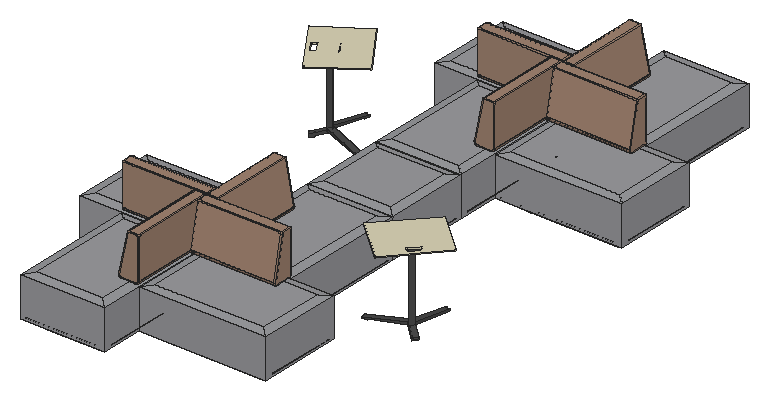
Revit family "System_Furniture-Teknion-Typical-DNA_Open_05", category Furniture Systems, Revit 2013
Parameters (values of type "DNA Open 05")
  URL = "http://teknion.com/"
  Product Page URL = "http://teknionplanningtool.com/"
  Product Line = "Leverage"  # constant formula
  Model = "Open 05"  # constant formula
  Manufacturer Phone Number = "416-661-3370"  # constant formula
  Manufacturer Fax = "416.661.4586"  # constant formula
  Manufacturer Address = "1150 Flint Road, Toronto, ON. M3J 2J5. Canada"  # constant formula
  Manufacturer = "Teknion"  # constant formula
  Environmental Data = "http://www.teknion.com/about-teknion/environment/datasheets.asp"
  Description = "DNA Planning Style - Open 05"  # constant formula
  Contact Info = "http://www.teknion.com/contact/contactus.asp"
  Assembly Code = "E2020200"
  Additional Finishes = "http://www.teknion.com/fabrics-finishes/list/ff_main.html"
Reference planes (in)
  plane 1 "Center Front/Back": y = 0
  plane 2: z = 0
  plane 3 "Center Left/Right": x = 0
Dimensions and locks (in)
  aligned and locked: level to plane 2
Nested families (in)
  nested 1: "Table-Teknion-DNA_Laptop_Table" at (31.54626, -29.66403, 0) x (-0.6635, -0.7482, 0) z (0, 0, 1), type "DNA Freestanding Laptop"
  nested 2: "Bench-Teknion-DNA_Seat_Bench_with_Bolster" at (0, -32.5, 0) x (0, 1, 0) z (0, 0, 1), type "DNA Bench with Bolster"
    with Bolster Right no, Bolster Location 1' - 1", Bolster Left yes, Bolster Center no
  nested 3: "Bench-Teknion-DNA_Seat_Bench_with_Bolster" at (-26, -71.5, 0) x (0, -1, 0) z (0, 0, 1), type "DNA Bench with Bolster"
    with Bolster Right no, Bolster Location 1' - 1", Bolster Left yes, Bolster Center no
  nested 4: "Bench-Teknion-DNA_Seat_Bench_with_Bolster" at (-32.5, -39, 0) x (-1, 0, 0) z (0, 0, 1), type "DNA Bench with Bolster"
    with Bolster Right no, Bolster Location 1' - 1", Bolster Left yes, Bolster Center no
  nested 5: "Bench-Teknion-DNA_Seat_Bench_with_Bolster" at (6.5, -65, 0), type "DNA Bench with Bolster"
    with Bolster Right no, Bolster Location 1' - 1", Bolster Left yes, Bolster Center no
  nested 6: "Table-Teknion-DNA_Laptop_Table" at (-39.37091, 32.23286, 0) x (0.5731, -0.8195, 0) z (0, 0, 1), type "DNA Freestanding Laptop"
  nested 7: "Bench-Teknion-DNA_Seat_Bench_with_Bolster" at (26, 71.50109, 0) x (0, 1, 0) z (0, 0, 1), type "DNA Bench with Bolster"
    with Bolster Right no, Bolster Location 1' - 1", Bolster Left yes, Bolster Center no
  nested 8: "Bench-Teknion-DNA_Seat_Bench_with_Bolster" at (0, 32.50109, 0) x (0, -1, 0) z (0, 0, 1), type "DNA Bench with Bolster"
    with Bolster Right no, Bolster Location 1' - 1", Bolster Left yes, Bolster Center no
  nested 9: "Bench-Teknion-DNA_Seat_Bench_with_Bolster" at (-6.5, 65.00109, 0) x (-1, 0, 0) z (0, 0, 1), type "DNA Bench with Bolster"
    with Bolster Right no, Bolster Location 1' - 1", Bolster Left yes, Bolster Center no
  nested 10: "Bench-Teknion-DNA_Seat_Bench_with_Bolster" at (32.5, 39.00109, 0), type "DNA Bench with Bolster"
    with Bolster Right no, Bolster Location 1' - 1", Bolster Left yes, Bolster Center no
  nested 11: "Seat-Teknion-DNA_SQ_Seat" at (0, 0, 0), type "DNA SQ Seat - Bench"
Definition of nested family "Table-Teknion-DNA_Laptop_Table"
  Parameters (values of type "DNA Freestanding Laptop")
    Width = 1' - 7.68504"
    Warranty = "http://www.teknion.com/legal/warranty.pdf"
    URL = "www.teknion.com"
    Type Comments = "DNA Table"
    Table Top Material = Flintwood - Teknion - FX - Flax
    Product Page URL = "http://www.teknion.com/products/seating_tables_dna/default.asp?text=3&country=us&product=dna&section=tables&subsection=casual"
    Product Name = "DNA"
    Product Documentation Link = "http://www.teknion.com/products/brochures/dna_ENG.pdf"
    Model = "NDNL"
    Material = ""
    Manufacturer Phone Number = "416-661-3370"  # constant formula
    Manufacturer Fax = "416.661.4586"  # constant formula
    Manufacturer Contact Information = "http://www.teknion.com/contact/contactus.asp"
    Manufacturer Address = "1150 Flint Road, Toronto, ON. M3J 2J5. Canada"  # constant formula
    Manufacturer = "Teknion"  # constant formula
    Keynote = "125000"
    Height = 2' - 0.34325"
    Foot Finish = Paint - Teknion - 52 - Ebony
    Environmental Data = "http://www.teknion.com/about-teknion/environment/datasheets.asp"
    Description = "DNA Freestanding Laptop"  # constant formula
    Depth = 1' - 4 125/256"
    Assembly Code = "E2020200"
  Reference planes (in)
    plane 1 "Center (Front/Back)": y = 0
    plane 2: z = 0
    plane 3 "Center (Left/Right)": x = 0
    plane 4: x = -9.84252
    plane 5: x = 9.84252
    plane 6 "Back": y = 8.24414
    plane 7 "Front": y = -8.24414
    plane 8: y = 7.10241
    plane 9: y = 5.44887
    plane 10: x = -2.01756
    plane 11 "Top": z = 24.33158
    plane 12: z = 23.63913
    plane 13: z = 23.95658
  Lines and regions (in)
    Masking region 1
      outline origin (0, 0, -0.01167) x (1, 0, 0) y (0, 1, 0)
        loop
          line (-9.84252, 8.24414) -> (-9.84252, -8.24414) -> (9.84252, -8.24414) -> (9.84252, 8.24414) -> (-9.84252, 8.24414)
        loop
          arc (-1.72819, 7.10241) -> (-1.93281, 7.01765) -> (-2.01756, 6.81304) r 0.28937
          line (-2.01756, 6.81304) -> (-2.01756, 5.73824)
          arc (-2.01756, 5.73824) -> (-1.9328, 5.53362) -> (-1.72819, 5.44887) r 0.28937
          line (-1.72819, 5.44887) -> (1.70882, 5.44887)
          arc (1.70882, 5.44887) -> (1.91343, 5.53362) -> (1.99819, 5.73824) r 0.28937
          line (1.99819, 5.73824) -> (1.99819, 6.81304)
          arc (1.99819, 6.81304) -> (1.91343, 7.01765) -> (1.70882, 7.10241) r 0.28937
          line (1.70882, 7.10241) -> (-1.72819, 7.10241)
    Masking region 2, detail levels fine
      outline origin (0, 0, -0.01167) x (1, 0, 0) y (0, 1, 0)
        loop
          line (-9.84252, -4.51686) -> (-10.74523, -5.28054) -> (-9.84252, -6.34759) -> (-9.84252, -4.51686)
        loop
          line (9.84252, -4.51686) -> (9.84252, -6.34759) -> (10.74523, -5.28054) -> (9.84252, -4.51686)
  Dimensions and locks (in)
    "Width": plane 4 to plane 5
    equal spacing: plane 4, plane 3 "Center (Left/Right)", plane 5, locked at 9.84252 each
    "Depth": plane 6 "Back" to plane 7 "Front"
    equal spacing: plane 6 "Back", plane 1 "Center (Front/Back)", plane 7 "Front", locked at 8.24414 each
    locked: plane 6 "Back" to plane 8 at 1.14173
    locked: plane 8 to plane 9 at 1.65354
    locked: plane 4 to plane 10 at 7.82496
    "Height": plane 11 "Top" to level
    locked: plane 11 "Top" to plane 13 at 0.375
    locked: plane 13 to plane 12 at 0.31745
    aligned: plane 1 "Center (Front/Back)" to nested 1
    aligned and locked: plane 3 "Center (Left/Right)" to nested 1
    aligned and locked: plane 4 to nested 1
    aligned and locked: plane 5 to nested 1
    aligned and locked: plane 6 "Back" to nested 1
    aligned: plane 7 "Front" to nested 1
    aligned and locked: plane 8 to nested 1
    aligned and locked: plane 10 to nested 1
    aligned and locked: plane 11 "Top" to nested 1
    aligned and locked: nested 2 to nested 1
    aligned and locked: nested 1 to nested 2
    aligned and locked: nested 2 to plane 2
    aligned and locked: nested 1 to plane 11 "Top"
    aligned and locked: plane 12 to nested 2
    aligned and locked: plane 13 to nested 1
  Automatic sketch dimensions
    Masking region 1 sketch curve to plane 4 = 0' - 0"
    Masking region 1 sketch curve to plane 5 = 0' - 0"
    Masking region 1 sketch curve to plane 7 "Front" = 0' - 0"
    Masking region 1 sketch curve to plane 6 "Back" = 0' - 0"
    Masking region 1 sketch curve to plane 10 = 0' - 0"
    Masking region 1 sketch curve to plane 8 = 0' - 0"
    Masking region 1 sketch curve to Masking region 1 sketch curve = 0' - 0.28937"  (x2)
    plane 3 "Center (Left/Right)" to Masking region 1 sketch curve = 0' - 1.70882"
    plane 9 to Masking region 1 sketch curve = 0' - 0.28937"
    Masking region 1 sketch curve to plane 9 = 0' - 0"
    Masking region 1 sketch curve to Masking region 1 sketch curve = 0' - 0"
    Masking region 2 sketch curve to plane 4 = 0' - 0"
    Masking region 2 sketch curve to plane 5 = 0' - 0"
    Masking region 2 sketch curve to plane 4 = 0' - 0.90271"
    plane 5 to Masking region 2 sketch curve = 0' - 0.90271"
    plane 1 "Center (Front/Back)" to Masking region 2 sketch curve = 0' - 4.51686"  (x2)
    Masking region 2 sketch curve to Masking region 2 sketch curve = 0' - 0.76368"  (x2)
  Nested families (in)
    nested 1: "DNA Laptop Table - Top" at (0, -0.04715, 0.00583), Table Top Finish <- "Table Top Material", type "DNA Laptop Table - Top"
      with Table Top Finish Flintwood - Teknion - FX - Flax
    nested 2: "DNA Laptop Table - Legs" at (0, -0.04715, 0.00583), Post <- "Foot Finish", type "DNA Laptop Table - Legs"
      with Post Paint - Teknion - 52 - Ebony
  Definition of nested family "DNA Laptop Table - Top"
    Parameters (values of type "DNA Laptop Table - Top")
      Table Top Finish [instance] = none
      Assembly Code = ""
    Reference planes (in)
      plane 1 "Center (Front/Back)": y = 0
      plane 2: z = 0
      plane 3 "Center (Left/Right)": x = 0
    Forms (in)
      Extrusion 1, solid, material <- "Table Top Finish"
        sketch origin (-0.00969, 0, 0) x (1, 0, 0) y (0, 1, 0)
          loop
            arc (-9.63598, 8.29129) -> (-9.77518, 8.23364) -> (-9.83283, 8.09444) r 0.19685
            line (-9.83283, 8.09444) -> (-9.83283, -8.04729)
            arc (-9.83283, -8.04729) -> (-9.77518, -8.18649) -> (-9.63598, -8.24414) r 0.19685
            line (-9.63598, -8.24414) -> (9.65563, -8.24414)
            arc (9.65563, -8.24414) -> (9.79463, -8.18657) -> (9.85221, -8.04757) r 0.19658
            line (9.85221, -8.04757) -> (9.85221, 8.09561)
            arc (9.85221, 8.09561) -> (9.79489, 8.23398) -> (9.65653, 8.29129) r 0.19568
            line (9.65653, 8.29129) -> (-9.63598, 8.29129)
          loop
            arc (-1.7185, 7.14956) -> (-1.92312, 7.0648) -> (-2.00787, 6.86019) r 0.28937
            line (-2.00787, 6.86019) -> (-2.00787, 5.78539)
            arc (-2.00787, 5.78539) -> (-1.92312, 5.58077) -> (-1.7185, 5.49602) r 0.28937
            line (-1.7185, 5.49602) -> (1.7185, 5.49602)
            arc (1.7185, 5.49602) -> (1.92312, 5.58077) -> (2.00787, 5.78539) r 0.28937
            line (2.00787, 5.78539) -> (2.00787, 6.86019)
            arc (2.00787, 6.86019) -> (1.92312, 7.0648) -> (1.7185, 7.14956) r 0.28937
            line (1.7185, 7.14956) -> (-1.7185, 7.14956)
        from 23.95075 to 24.32575
  Definition of nested family "DNA Laptop Table - Legs"
    Parameters (values of type "DNA Laptop Table - Legs")
      Post [instance] = none
      Assembly Code = ""
    Reference planes (in)
      plane 1 "Center (Front/Back)": y = 0
      plane 2: z = 0
      plane 3 "Center (Left/Right)": x = 0
      plane 4 "Legs Parallel": through (6.72118, -0.49407, 48) normal (0.6459, 0.7634, 0)
      plane 5 "Legs Perp": through (13.10352, -5.93494, 48) normal (-0.766, 0.6428, 0)
    Forms (in)
      Extrusion 1, solid, material <- "Post"
        sketch origin (0, 0, 21.44636) x (-1, 0, 0) y (0, -1, 0)
          loop
            line (2.17556, -4.46095) -> (2.17557, -0.10964) -> (-2.17246, -0.10964) -> (-2.17245, -4.46093) -> (2.17556, -4.46095)
        from 2.18693 to 2.50438
      Extrusion 2, solid, material <- "Post"
        sketch origin (0, 0, 21.44636) x (-1, 0, 0) y (0, -1, 0)
          loop
            line (0.81174, -3.07019) -> (0.03947, -1.73258)
            arc (0.03947, -1.73258) -> (0.00631, -1.71343) -> (-0.02685, -1.73258) r 0.03829
            line (-0.02685, -1.73258) -> (-0.81246, -3.09328) -> (-0.81246, -3.16544) -> (0.81174, -3.16544) -> (0.81174, -3.07019)
        from -19.64277 to 2.18693
      Extrusion 3, solid, material <- "Post"
        sketch origin (-2.5601, 3.02616, 0) x (0.763448, 0.645869, 0) y (0, 0, -1)
          loop
            line (1.36322, -2.63705) -> (1.36322, -1.79508) -> (-10.00274, -0.22235) -> (-10.0147, 0.00583) -> (-11.58351, 0.00583) -> (-11.58351, -0.38567)
            arc (-11.58351, -0.38567) -> (-11.56217, -0.42041) -> (-11.52551, -0.43824) r 0.07284
            line (-11.52551, -0.43824) -> (1.36322, -2.63705)
        from -2.60077 to -1.01922
      Extrusion 4, solid, material <- "Post"
        sketch origin (0, 0, 0) x (0, 1, 0) y (0, 0, 1)
          loop
            line (1.71019, 1.66224) -> (1.71019, 1.4681) -> (6.15639, 0.32872) -> (6.15639, -0.00583) -> (7.46558, -0.00583)
            arc (7.46558, -0.00583) -> (7.4906, -0.00437) -> (7.51528, 0) r 0.21459
            line (7.51528, 0) -> (7.51528, 0.52619)
            arc (7.51528, 0.52619) -> (7.49969, 0.57321) -> (7.4591, 0.6016) r 0.0787
            line (7.4591, 0.6016) -> (2.90659, 1.96119) -> (1.71019, 1.66224)
        from -0.8141 to 0.81246
      Extrusion 5, solid, material <- "Post"
        sketch origin (2.5601, 3.02616, 0) x (-0.763448, 0.645869, 0) y (0, 0, 1)
          loop
            line (1.33078, 2.63152) -> (-11.52551, 0.43824)
            arc (-11.52551, 0.43824) -> (-11.56217, 0.42041) -> (-11.58351, 0.38567) r 0.07284
            line (-11.58351, 0.38567) -> (-11.58351, -0.00583) -> (-10.0147, -0.00583) -> (-10.00274, 0.22235) -> (1.33078, 1.7906) -> (1.33078, 2.63152)
        from -2.60077 to -1.01922
    Cuts and joins
      joined: Extrusion 1, Extrusion 2
    Dimensions and locks (in)
      aligned and locked: cut or joined group of Extrusion 1, Extrusion 2 to Extrusion 4
Definition of nested family "Bench-Teknion-DNA_Seat_Bench_with_Bolster"
  Parameters (values of type "DNA Bench")
    Width = 3' - 3"
    Warranty = ""
    Seat Upholstery = Fabric - Teknion - S610 - Saturate Quarry
    URL = "www.teknion.com"
    Product Page URL = "http://www.teknion.com/products/seating_tables_dna/default.asp?text=2&country=us&product=dna&section=seating&subsection=soft"
    Product Name = "DNA"  # constant formula
    Product Documentation Link = "http://www.teknion.com/pricing/seating/pdfs/Teknion_dna_ppg.pdf"
    Model = if(Bolster, "NDNB", "NDNA")  # "NDNA"
    Material = ""
    Manufacturer Phone Number = ""
    Manufacturer Fax = ""
    Manufacturer Contact Information = ""
    Manufacturer Address = "1150 Flint Road, Toronto, ON. M3J 2J5. Canada"  # constant formula
    Manufacturer = "Teknion"  # constant formula
    Keynote = "125000"
    Height = 1' - 4 1/2"  # constant formula
    Environmental Data = ""
    Description = "Bench"  # constant formula
    Depth = 2' - 2"  # constant formula
    Bolster Upholstery = Fabric - Teknion - E504 - Fundamentals
    Bolster Right [instance] = no
    Bolster Location [instance] = if(Bolster Right, 0' 0", if(Bolster Left, 1' 1", if(Bolster Center, 0' 6 1/2", 0' 0")))  # 0' - 6 1/2"
    Bolster Left [instance] = no
    Bolster Center [instance] = yes
    Bolster = no
    Base Material = Paint - Teknion - 52 - Ebony
    Base Height = 0' - 4"
    Assembly Code = "E2020200"
  Types (3): name | Warranty | Model | Manufacturer Phone Number | Manufacturer Fax | Manufacturer Contact Information | Environmental Data | Bolster | Base Material
    (no name) | "" | "NDNA" | "" | "" | "" | "" | no | Paint - Teknion - 52 - Ebony
    DNA Bench | "" | "NDNA" | "" | "" | "" | "" | no | Paint - Teknion - 52 - Ebony
    DNA Bench with Bolster | "http://www.teknion.com/legal/warranty.pdf" | "NDNB" | "416-661-3370" | "416.661.4586" | "http://www.teknion.com/contact/contactus.asp" | "http://www.teknion.com/about-teknion/environment/datasheets.asp" | yes | none
  Reference planes (in)
    plane 1 "Center (Front/Back)": y = 0
    plane 2: z = 0
    plane 3 "Center (Left/Right)": x = 0
    plane 4: x = -19.5
    plane 5: x = 19.5
    plane 6: z = 4
    plane 7: z = 16.5
    plane 8: y = 13
    plane 9: y = -13
    plane 10: x = -6.79751
    plane 11: z = 0.5
    plane 12: x = 13
  Forms (in)
    Extrusion 1, solid, material "Paint - Teknion - 52 - Ebony" <- "Base Material"
      sketch origin (0, 0, 0) x (1, 0, 0) y (0, 1, 0)
        loop
          circle (-13, 6.5) r 1
        loop
          circle (13, 6.5) r 1
        loop
          circle (13, -6.50991) r 1
        loop
          circle (-13, -6.50991) r 1
      from 0 to 0.5
    Sweep 2, solid, material "Fabric - Teknion - S610 - Saturate Quarry" <- "Seat Upholstery"
      path origin (-44.2712, -180, 16.5) x (-1, 0, 0) y (0, -1, 0)
        loop
          line (-24.7712, -193) -> (-24.7712, -167) -> (-63.7712, -167) -> (-63.7712, -193) -> (-24.7712, -193)
      profile origin (0, 13, 16.5) x (0, 1, 0) y (0, 0, 1)
        loop
          line (-2.74891, 0) -> (-3, 0) -> (-3, -12.5) -> (0, -12.5) -> (0, -0.4998) -> (-2.74891, 0)
    Extrusion 3, solid, material "Fabric - Teknion - S610 - Saturate Quarry" <- "Seat Upholstery"
      sketch origin (0, 0, 0) x (1, 0, 0) y (0, 1, 0)
        loop
          line (-16.49778, 10) -> (-16.49778, -9.99891) -> (16.49891, -9.99891) -> (16.49891, 10) -> (-16.49778, 10)
      from 4 to 16.5
    SweptBlend 4, solid, material "Paint - Teknion - 52 - Ebony" <- "Base Material"
      path origin (0, 0, 0) x (1, 0, 0) y (0, 0, 1)
        loop
          line (0, 4) -> (0, 0.5)
      profile origin (0, 0, 4) x (0, -1, 0) y (1, 0, 0)
        loop
          line (-12.125, -18.625) -> (12.125, -18.625) -> (12.125, 18.625) -> (-12.125, 18.625) -> (-12.125, -18.625)
      end profile origin (0, 0, 0.5) x (0, -1, 0) y (1, 0, 0)
        loop
          line (-8.25, -14.75) -> (8.25991, -14.75) -> (8.25991, 14.75) -> (-8.25, 14.75) -> (-8.25, -14.75)
  Cuts and joins
    joined: Sweep 2, Extrusion 3
  Lines and regions (in)
    Masking region 1
      outline origin (0, 0, 0) x (1, 0, 0) y (0, 1, 0)
        loop
          line (-19.5, 13) -> (-19.5, -13) -> (19.5, -13) -> (19.5, 13) -> (-19.5, 13)
    Masking region 2, visible <- "Bolster"
      outline origin (0, 0, 0) x (1, 0, 0) y (0, 1, 0)
        loop
          line (-13, 12.75139) -> (-13, 6.96199) -> (13, 6.96199) -> (13, 12.75139) -> (-13, 12.75139)
  Dimensions and locks (in)
    equal spacing: plane 4, plane 3 "Center (Left/Right)", plane 5
    "Width": plane 4 to plane 5
    "Height": plane 7 to level
    equal spacing: plane 8, plane 1 "Center (Front/Back)", plane 9, locked at 13 each
    "Depth": plane 8 to plane 9
    plane 6 to plane 11 to plane 2 = 0' - 3 1/2" locked, 0' - 0 1/2" locked
    locked: plane 7 to Sweep 2 sketch curve at 0.4998
    plane 8 to Sweep 2 sketch curve to Sweep 2 sketch curve = 0' - 2.74891" locked, 0' - 0.25109" locked
    locked: Extrusion 3 sketch curve to plane 5 at 3.00109
    locked: plane 4 to Extrusion 3 sketch curve at 3.00222
    locked: plane 8 to Extrusion 3 sketch curve at 3
    locked: Extrusion 3 sketch curve to plane 9 at 3.00109
    Extrusion 1 sketch curve to Extrusion 1 sketch curve to plane 3 "Center (Left/Right)" to Extrusion 1 sketch curve to Extrusion 1 sketch curve = 0' - 0" locked, 1' - 1" locked, 1' - 1" locked, 0' - 0" locked
    Extrusion 1 sketch curve to Extrusion 1 sketch curve to plane 1 "Center (Front/Back)" to Extrusion 1 sketch curve to Extrusion 1 sketch curve = 0' - 0" locked, 0' - 6.50991" locked, 0' - 6 1/2" locked, 0' - 0" locked
    locked: SweptBlend 4 sketch curve to plane 9 at 0.875
    locked: plane 8 to SweptBlend 4 sketch curve at 0.875
    locked: plane 8 to SweptBlend 4 sketch curve at 4.75
    locked: SweptBlend 4 sketch curve to plane 9 at 4.74009
    "Bolster Location": plane 5 to plane 12
    plane 8 to Masking region 2 sketch curve to Masking region 2 sketch curve = 0' - 0.24861" locked, 0' - 5.78939" locked
    locked: Masking region 2 sketch curve to plane 12 at 26
    aligned and locked: plane 8 to Sweep 2 sketch curve
    aligned and locked: Sweep 2 sketch curve to plane 6
    aligned and locked: plane 7 to Extrusion 3
    aligned and locked: Extrusion 3 to plane 6
    aligned and locked: Extrusion 1 to plane 11
    aligned and locked: Extrusion 1 to plane 2
    aligned and locked: plane 11 to SweptBlend 4 sketch curve
    aligned and locked: plane 6 to SweptBlend 4 sketch curve
    aligned and locked: Masking region 1 sketch curve to cut or joined group of Sweep 2, Extrusion 3  (x4)
    aligned and locked: plane 7 to nested 1
    aligned and locked: nested 1 to plane 8
    aligned and locked: nested 1 to plane 12
    aligned and locked: Sweep 2 sketch curve to plane 5
    aligned and locked: plane 4 to Sweep 2 sketch curve
    aligned and locked: Sweep 2 sketch curve to plane 8
    aligned and locked: plane 9 to Sweep 2 sketch curve
    aligned and locked: SweptBlend 4 sketch curve to plane 3 "Center (Left/Right)"
    aligned and locked: plane 12 to Masking region 2 sketch curve
  Automatic sketch dimensions
    Sweep 2 sketch curve to plane 7 = 0' - 0"
    SweptBlend 4 sketch curve to profile plane = 1' - 6 5/8"
    SweptBlend 4 sketch curve to profile plane = 1' - 2 3/4"
    profile plane to SweptBlend 4 sketch curve = 1' - 6 5/8"
    profile plane to SweptBlend 4 sketch curve = 1' - 2 3/4"
    radius of Extrusion 1 sketch curve = 0' - 1"  (x4)
  Nested families (in)
    nested 1: "DNA Bolster" at (0, 13, 16.5), Bolster <- "Bolster", type "Bolster"
      with Bolster no
Definition of nested family "Seat-Teknion-DNA_SQ_Seat"
  Parameters (values of type "DNA SQ Seat - Bench")
    Width = 2' - 2"
    Warranty = "http://www.teknion.com/legal/warranty.pdf"
    URL = "www.teknion.com"
    Seat Material = Fabric - Teknion - S610 - Saturate Quarry
    Product Page URL = "http://www.teknion.com/products/seating_tables_dna/default.asp?text=2&country=us&product=dna&section=seating&subsection=soft"
    Product Name = "DNA"  # constant formula
    Product Documentation Link = "http://www.teknion.com/products/brochures/dna_ENG.pdf"
    Model = "NDNS"
    Material = ""
    Manufacturer Phone Number = "416-661-3370"  # constant formula
    Manufacturer Fax = "416.661.4586"  # constant formula
    Manufacturer Contact Information = "http://www.teknion.com/contact/contactus.asp"
    Manufacturer Address = "1150 Flint Road, Toronto, ON. M3J 2J5. Canada"  # constant formula
    Manufacturer = "Teknion"  # constant formula
    Keynote = "125000"
    Height = 1' - 4 1/2"  # constant formula
    Environmental Data = "http://www.teknion.com/legal/warranty.pdf"
    Description = "DNA SQ Seat - Bench"  # constant formula
    Depth = 2' - 2"  # constant formula
    Base Material = Paint - Teknion - 52 - Ebony
    Base Height = 0' - 4"
    Assembly Code = "E2020200"
  Reference planes (in)
    plane 1 "Center (Front/Back)": y = 0
    plane 2: z = 0
    plane 3 "Center (Left/Right)": x = 0
    plane 4 "Left": x = -13
    plane 5 "Right": x = 13
    plane 6: z = 4
    plane 7 "Top": z = 16.5
    plane 8 "Back": y = 13
    plane 9 "Front": y = -13
  Forms (in)
    Extrusion 1, solid, material "Fabric - Teknion - S610 - Saturate Quarry" <- "Seat Material"
      sketch origin (-6.48682, -1.03944, 4.54207) x (0, 1, 0) y (0, 0, 1)
        loop
          line (14.03944, -0.54207) -> (14.03944, 11.45793) -> (-11.96056, 11.45793) -> (-11.96056, -0.54207) -> (14.03944, -0.54207)
      from -6.51318 to 19.48682
    Extrusion 2, solid, material "Fabric - Teknion - S610 - Saturate Quarry" <- "Seat Material"
      sketch origin (0, 0.24147, 0.0004) x (0, 1, 0) y (0, 0, 1)
        loop
          line (12.75853, 16) -> (10.00853, 16.5) -> (-10.49147, 16.5) -> (-13.24147, 16) -> (12.75853, 16)
      from -13 to 13
    Extrusion 3, void
      sketch origin (12, 0, 0) x (1, 0, 0) y (0, 0, 1)
        loop
          line (-1.75, 16.5) -> (1, 16) -> (1, 16.5) -> (-1.75, 16.5)
      from -13 to 13
    Extrusion 4, void
      sketch origin (-13.0795, 0, 0) x (1, 0, 0) y (0, 0, 1)
        loop
          line (0.0795, 16) -> (2.8295, 16.5) -> (0.0795, 16.5) -> (0.0795, 16)
      from -13 to 13
    Extrusion 5, solid, material "Paint - Teknion - 52 - Ebony" <- "Base Material"
      sketch origin (0, 0, 0) x (1, 0, 0) y (0, 1, 0)
        loop
          circle (-6.5, 6.5) r 1
        loop
          circle (6.5, 6.5) r 1
        loop
          circle (6.5, -6.50991) r 1
        loop
          circle (-6.5, -6.50991) r 1
      from 0 to 0.5
    Blend 6, solid, material "Paint - Teknion - 52 - Ebony" <- "Base Material"
      base sketch origin (0, 0, 0) x (1, 0, 0) y (0, 1, 0)
        loop
          line (-8.25, 8.25) -> (-8.25, -8.25991) -> (8.25, -8.25991) -> (8.25, 8.25) -> (-8.25, 8.25)
      top sketch origin (0, 0, 0) x (1, 0, 0) y (0, 1, 0)
        loop
          line (-12.125, 12.125) -> (-12.125, -12.125) -> (12.125, -12.125) -> (12.125, 12.125) -> (-12.125, 12.125)
      from 0.5 to 4
  Cuts and joins
    Extrusion 3, Extrusion 4 cuts Extrusion 1
    Extrusion 3, Extrusion 4 cuts Extrusion 2
    joined: Extrusion 1, Extrusion 2
  Lines and regions (in)
    Masking region 1
      outline origin (0, 0, 0) x (1, 0, 0) y (0, 1, 0)
        loop
          line (-13, 13) -> (-13, -13.00109) -> (12.99887, -13.00109) -> (12.99887, 13) -> (-13, 13)
    symbolic lines, detail levels fine
      curve 1: line (-12.99887, 13.00109, 0) -> (-10.24778, 10.25, 0)
      curve 2: line (10.24778, 10.25, 0) -> (12.99887, 13.00109, 0)
      curve 3: line (-10.24778, -10.25, 0) -> (-12.99887, -13.00109, 0)
      curve 4: line (12.99887, -13.00109, 0) -> (10.24778, -10.25, 0)
    symbolic lines, detail levels medium+fine
      curve 5: line (-10.24778, 10.25, 0) -> (10.24778, 10.25, 0)
      curve 6: line (-10.24778, -10.25, 0) -> (-10.24778, 10.25, 0)
      curve 7: line (10.24778, -10.25, 0) -> (-10.24778, -10.25, 0)
      curve 8: line (10.24778, 10.25, 0) -> (10.24778, -10.25, 0)
  Dimensions and locks (in)
    equal spacing: plane 4 "Left", plane 3 "Center (Left/Right)", plane 5 "Right"
    "Width": plane 4 "Left" to plane 5 "Right"
    "Base Height": plane 6 to level
    "Height": plane 7 "Top" to level
    equal spacing: plane 8 "Back", plane 1 "Center (Front/Back)", plane 9 "Front"
    "Depth": plane 8 "Back" to plane 9 "Front"
    locked: plane 8 "Back" to Blend 6 sketch curve at 4.75
    locked: Blend 6 sketch curve to plane 9 "Front" at 4.74009
    locked: plane 4 "Left" to Blend 6 sketch curve at 4.75
    locked: Blend 6 sketch curve to plane 5 "Right" at 4.75
    locked: plane 8 "Back" to Blend 6 sketch curve at 0.875
    locked: Blend 6 sketch curve to plane 9 "Front" at 0.875
    locked: plane 4 "Left" to Blend 6 sketch curve at 0.875
    locked: Blend 6 sketch curve to plane 5 "Right" at 0.875
    locked: Blend 6 to Extrusion 5 sketch curve at 1.75  (x2)
    locked: Extrusion 5 sketch curve to Blend 6 at 1.75  (x6)
    plane 6 to Extrusion 1 sketch curve = 1' - 0"
    cut or joined group of Extrusion 1, Extrusion 2, Extrusion 3, Extrusion 4 to plane 1 "Center (Front/Back)" = 1' - 1"
    plane 1 "Center (Front/Back)" to cut or joined group of Extrusion 1, Extrusion 2, Extrusion 3, Extrusion 4 = 1' - 1"
    Extrusion 1 sketch curve to plane 1 "Center (Front/Back)" to Extrusion 1 sketch curve = 1' - 1" locked, 1' - 1" locked  (x2)
    locked: Extrusion 1 sketch curve to plane 6 at 12
    Extrusion 2 sketch curve to plane 1 "Center (Front/Back)" to Extrusion 2 sketch curve = 1' - 1" locked, 1' - 1" locked
    Extrusion 2 sketch curve to Extrusion 2 sketch curve to plane 6 = 0' - 0 1/2" locked, 1' - 0.0004" locked
    plane 6 to Extrusion 3 sketch curve to Extrusion 3 sketch curve to Extrusion 3 sketch curve = 1' - 0" locked, 0' - 0 1/2" locked, 0' - 0" locked
    locked: Extrusion 3 sketch curve to plane 3 "Center (Left/Right)" at 13
    plane 6 to Extrusion 4 sketch curve to Extrusion 4 sketch curve to Extrusion 4 sketch curve = 1' - 0" locked, 0' - 0 1/2" locked, 0' - 0" locked
    locked: plane 3 "Center (Left/Right)" to Extrusion 4 sketch curve at 13
    plane 6 to Extrusion 4 sketch curve = 1' - 0 1/2"
    aligned and locked: Extrusion 1 to plane 4 "Left"
    aligned and locked: plane 5 "Right" to Extrusion 1
    aligned and locked: plane 5 "Right" to cut or joined group of Extrusion 1, Extrusion 2, Extrusion 3, Extrusion 4
    aligned and locked: Extrusion 2 to Extrusion 1
    aligned and locked: Extrusion 1 to plane 9 "Front"
    aligned and locked: plane 8 "Back" to Extrusion 1
    aligned and locked: Extrusion 1 to Extrusion 3  (x2)
    aligned and locked: Extrusion 4 to Extrusion 1
    aligned and locked: Extrusion 1 to Extrusion 4
  Automatic sketch dimensions
    Extrusion 2 sketch curve to Extrusion 2 sketch curve = 0' - 2 3/4"  (x2)
    Extrusion 3 sketch curve to Extrusion 3 sketch curve = 0' - 2 3/4"
    Extrusion 4 sketch curve to Extrusion 4 sketch curve = 0' - 2 3/4"
    Extrusion 1 sketch curve to plane 6 = 0' - 0"
    Masking region 1 sketch curve to plane 4 "Left" = 0' - 0"
    Masking region 1 sketch curve to plane 8 "Back" = 0' - 0"
    Masking region 1 sketch curve to plane 5 "Right" = 0' - 0.00113"
    Masking region 1 sketch curve to plane 9 "Front" = 0' - 0.00109"
    plane 4 "Left" to curve 3 = 0' - 2.75222"
    plane 4 "Left" to curve 3 = 0' - 0.00113"
    plane 4 "Left" to curve 1 = 0' - 0.00113"
    curve 5 to plane 5 "Right" = 0' - 2.75222"
    curve 4 to plane 5 "Right" = 0' - 0.00113"
    curve 2 to plane 5 "Right" = 0' - 0.00113"
    plane 9 "Front" to curve 3 = 0' - 2 3/4"
    curve 4 to plane 9 "Front" = 0' - 0.00109"
    curve 3 to plane 9 "Front" = 0' - 0.00109"
    curve 5 to plane 8 "Back" = 0' - 2 3/4"
    plane 8 "Back" to curve 2 = 0' - 0.00109"
    plane 8 "Back" to curve 1 = 0' - 0.00109"
    radius of Extrusion 5 sketch curve = 0' - 1"  (x4)
